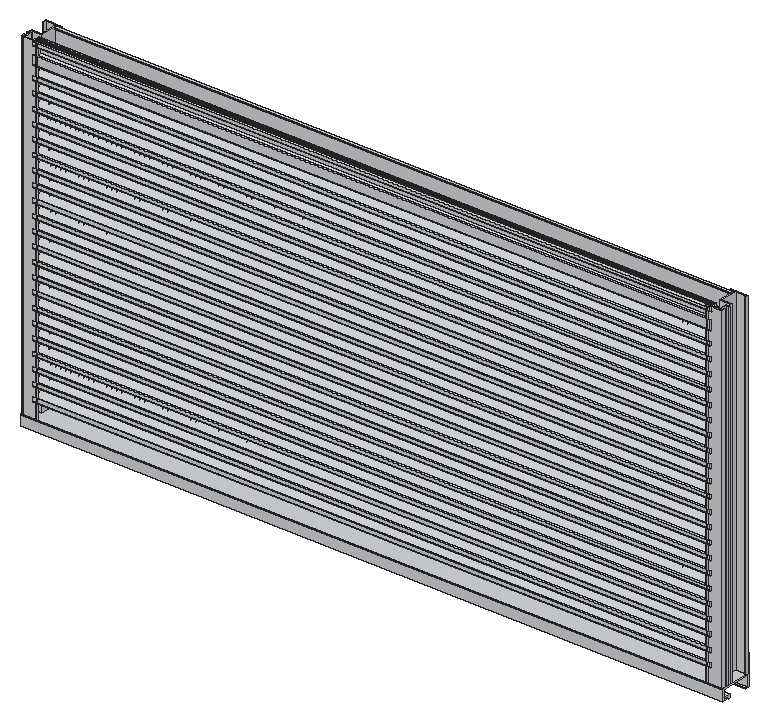
Revit family "XSD-55", category Mechanical Equipment, Revit 2015
Parameters
  head width = BW  # 3' - 10 5/16"
  blade spacing = 0' - 0 15/16"
  URL = "https://unitedenertech.com/catalog/pdf/A_16b%20XSD-55.pdf"
  Type Comments = "Max. Single Section Size is (120\"w  x  84\"h) or (84\"w  x  120\"h)"
  Number of Blades [instance] = rounddown((Exact Height - 0' 2 1/2") / blade spacing)  # 22
  Model = "XSD-55"
  Manufacturer = "United Enertech Corporation"
  Exact Width = 4' - 0"
  Exact Height = 2' - 0"
  Description = "High Performance 2\" Fixed Louver"
  Depth = 0' - 2.2029"
  Blade Spacing = 0' - 1.47"
  BW = Exact Width - 0' 1 11/16"  # 3' - 10 5/16"
Reference planes (in)
  plane 1 "Center (Front/Back)": y = 0
  plane 2: z = 0
  plane 3 "Center (Left/Right)": x = 0
  plane 4: x = -24
  plane 5: x = 24
  plane 6: z = 24
  plane 7: x = -23.166
  plane 8: x = 23.166
  plane 9: z = 0.834
  plane 10: y = 2.2029
  plane 11: z = 22.35221
  plane 12: z = 21.41471
  plane 13: z = 20.47721
Forms (in)
  Extrusion 1, solid
    sketch origin (34.20382, -6.2655, 0) x (1, 0, 0) y (0, 1, 0)
      loop
        line (-58.20382, 8.22147) -> (-58.14382, 8.22147) -> (-58.14382, 8.34947) -> (-57.42982, 8.34947) -> (-57.42982, 7.14747) -> (-58.14382, 7.14747) -> (-58.14382, 6.86747) -> (-58.18882, 6.86747) -> (-58.18882, 6.80747) -> (-58.14382, 6.80747) -> (-58.14382, 6.74547) -> (-58.08382, 6.74547) -> (-58.08382, 6.80747) -> (-57.99582, 6.80747) -> (-57.99582, 6.36747) -> (-58.08382, 6.36747) -> (-58.08382, 6.52647) -> (-58.14382, 6.52647) -> (-58.14382, 6.30747) -> (-57.13871, 6.30747) -> (-57.13871, 6.2655) -> (-57.07882, 6.2655) -> (-57.07882, 6.36747) -> (-57.36982, 6.36747) -> (-57.36982, 6.49547) -> (-57.42982, 6.49547) -> (-57.42982, 6.36747) -> (-57.93582, 6.36747) -> (-57.93582, 6.86747) -> (-58.08382, 6.86747) -> (-58.08382, 7.08747) -> (-57.36982, 7.08747) -> (-57.36982, 8.34947) -> (-57.07882, 8.34947) -> (-57.07882, 8.40947) -> (-58.20382, 8.40947) -> (-58.20382, 8.22147)
    from 0.834 to 24
  Extrusion 2, solid
    sketch origin (-34.20382, -6.2655, 0) x (-1, 0, 0) y (0, -1, 0)
      loop
        line (-58.20382, -8.22147) -> (-58.20382, -8.40947) -> (-57.07882, -8.40947) -> (-57.07882, -8.34947) -> (-57.36982, -8.34947) -> (-57.36982, -7.08747) -> (-58.08382, -7.08747) -> (-58.08382, -6.86747) -> (-57.93582, -6.86747) -> (-57.93582, -6.36747) -> (-57.42982, -6.36747) -> (-57.42982, -6.49547) -> (-57.36982, -6.49547) -> (-57.36982, -6.36747) -> (-57.07882, -6.36747) -> (-57.07882, -6.2655) -> (-57.13871, -6.2655) -> (-57.13871, -6.30747) -> (-58.14382, -6.30747) -> (-58.14382, -6.52647) -> (-58.08382, -6.52647) -> (-58.08382, -6.36747) -> (-57.99582, -6.36747) -> (-57.99582, -6.80747) -> (-58.08382, -6.80747) -> (-58.08382, -6.74547) -> (-58.14382, -6.74547) -> (-58.14382, -6.80747) -> (-58.18882, -6.80747) -> (-58.18882, -6.86747) -> (-58.14382, -6.86747) -> (-58.14382, -7.14747) -> (-57.42982, -7.14747) -> (-57.42982, -8.34947) -> (-58.14382, -8.34947) -> (-58.14382, -8.22147) -> (-58.20382, -8.22147)
    from 0.834 to 24
  Extrusion 3, solid
    sketch origin (-58.57781, 52.92926, -9.8407) x (0, 1, 0) y (0, 0, 1)
      loop
        line (-52.38831, 9.8597) -> (-52.32831, 9.8597) -> (-52.32831, 10.1277) -> (-52.82831, 10.1277) -> (-52.82831, 10.6147) -> (-50.78637, 10.6147) -> (-50.78637, 9.9007) -> (-50.91437, 9.9007) -> (-50.91437, 9.8407) -> (-50.72637, 9.8407) -> (-50.72637, 11.9587) -> (-50.78637, 11.9587) -> (-50.78637, 10.6747) -> (-52.92926, 10.6747) -> (-52.92926, 10.6147) -> (-52.88831, 10.6147) -> (-52.88831, 9.9197) -> (-52.66931, 9.9197) -> (-52.66931, 9.9797) -> (-52.82831, 9.9797) -> (-52.82831, 10.0677) -> (-52.38831, 10.0677) -> (-52.38831, 9.9797) -> (-52.45031, 9.9797) -> (-52.45031, 9.9197) -> (-52.38831, 9.9197) -> (-52.38831, 9.8597)
    from 34.57781 to 82.57781
Dimensions and locks (in)
  equal spacing: plane 5, plane 3 "Center (Left/Right)", plane 4
  "Exact Width": plane 5 to plane 4
  "Exact Height": plane 6 to level
  locked: plane 4 to plane 7 at 0.834
  locked: plane 8 to plane 5 at 0.834
  locked: plane 9 to level at 0.834
  "Depth": plane 1 "Center (Front/Back)" to plane 10
  locked: plane 11 to plane 6 at 1.64779
  locked: plane 12 to plane 11 at 0.9375
  equal spacing: group 1, group 2, group 3, group 4, group 5, group 6, group 7, group 8, group 9, group 10, group 11, group 12, group 13, group 14, group 15, group 16, group 17, group 18, group 19, group 20, group 21, group 22  (x2)
  equal spacing: group 22, group 21, group 20, group 19, group 18, group 17, group 16, group 15, group 14, group 13, group 12, group 11, group 10, group 9, group 8, group 7, group 6, group 5, group 4, group 3, group 2, group 1
  "blade spacing": plane 12 to plane 13
  aligned and locked: level to plane 2
  aligned and locked: plane 4 to Extrusion 1
  aligned and locked: plane 5 to Extrusion 2
  aligned and locked: level to Extrusion 3
  aligned and locked: plane 5 to Extrusion 3
  aligned and locked: Extrusion 3 to plane 4
  aligned and locked: Extrusion 2 to plane 9
  aligned and locked: Extrusion 1 to plane 9
  aligned and locked: plane 6 to Extrusion 2
  aligned and locked: plane 6 to Extrusion 1
  aligned and locked: plane 6 to nested 1
  aligned and locked: plane 3 "Center (Left/Right)" to nested 2
  aligned and locked: plane 1 "Center (Front/Back)" to nested 2
  aligned and locked: plane 12 to nested 2  (x2)
  aligned and locked: nested 3 to plane 13
Automatic sketch dimensions
  Extrusion 1 sketch curve to plane 4 = 0' - 0"
  plane 1 "Center (Front/Back)" to Extrusion 1 sketch curve = 0' - 0"
  plane 4 to Extrusion 1 sketch curve = 0' - 0.015"
  plane 4 to Extrusion 1 sketch curve = 0' - 0.06"  (x4)
  Extrusion 1 sketch curve to Extrusion 1 sketch curve = 0' - 0.06"  (x9)
  Extrusion 1 sketch curve to Extrusion 1 sketch curve = 0' - 0"  (x4)
  Extrusion 1 sketch curve to Extrusion 1 sketch curve = 0' - 0.088"
  Extrusion 1 sketch curve to Extrusion 1 sketch curve = 0' - 0.506"  (x2)
  Extrusion 1 sketch curve to plane 1 "Center (Front/Back)" = 0' - 0.22997"
  Extrusion 1 sketch curve to plane 1 "Center (Front/Back)" = 0' - 0.04197"
  Extrusion 1 sketch curve to Extrusion 1 sketch curve = 0' - 0.23111"
  Extrusion 1 sketch curve to Extrusion 1 sketch curve = 0' - 0.291"
  Extrusion 1 sketch curve to Extrusion 1 sketch curve = 0' - 0.05989"
  Extrusion 1 sketch curve to plane 1 "Center (Front/Back)" = 0' - 0.10197"
  Extrusion 1 sketch curve to Extrusion 1 sketch curve = 0' - 0.159"
  Extrusion 1 sketch curve to Extrusion 1 sketch curve = 0' - 0.219"
  Extrusion 1 sketch curve to Extrusion 1 sketch curve = 0' - 0.062"  (x2)
  Extrusion 1 sketch curve to Extrusion 1 sketch curve = 0' - 0.22"
  Extrusion 1 sketch curve to Extrusion 1 sketch curve = 0' - 1.074"
  Extrusion 1 sketch curve to Extrusion 1 sketch curve = 0' - 0.128"
  Extrusion 2 sketch curve to plane 5 = 0' - 0"
  plane 1 "Center (Front/Back)" to Extrusion 2 sketch curve = 0' - 0"
  plane 5 to Extrusion 2 sketch curve = 0' - 0.015"
  plane 5 to Extrusion 2 sketch curve = 0' - 0.06"  (x4)
  Extrusion 2 sketch curve to Extrusion 2 sketch curve = 0' - 0.06"  (x9)
  Extrusion 2 sketch curve to Extrusion 2 sketch curve = 0' - 0"  (x4)
  Extrusion 2 sketch curve to Extrusion 2 sketch curve = 0' - 0.088"
  Extrusion 2 sketch curve to Extrusion 2 sketch curve = 0' - 0.506"  (x2)
  plane 1 "Center (Front/Back)" to Extrusion 2 sketch curve = 0' - 0.22997"
  plane 1 "Center (Front/Back)" to Extrusion 2 sketch curve = 0' - 0.04197"
  Extrusion 2 sketch curve to Extrusion 2 sketch curve = 0' - 0.23111"
  Extrusion 2 sketch curve to Extrusion 2 sketch curve = 0' - 0.291"
  Extrusion 2 sketch curve to Extrusion 2 sketch curve = 0' - 0.05989"
  plane 1 "Center (Front/Back)" to Extrusion 2 sketch curve = 0' - 0.10197"
  Extrusion 2 sketch curve to Extrusion 2 sketch curve = 0' - 0.159"
  Extrusion 2 sketch curve to Extrusion 2 sketch curve = 0' - 0.219"
  Extrusion 2 sketch curve to Extrusion 2 sketch curve = 0' - 0.062"  (x2)
  Extrusion 2 sketch curve to Extrusion 2 sketch curve = 0' - 0.22"
  Extrusion 2 sketch curve to Extrusion 2 sketch curve = 0' - 1.074"
  Extrusion 2 sketch curve to Extrusion 2 sketch curve = 0' - 0.128"
  Extrusion 3 sketch curve to plane 1 "Center (Front/Back)" = 0' - 0"
  Extrusion 3 sketch curve to Extrusion 3 sketch curve = 0' - 0.04096"
  Extrusion 3 sketch curve to Extrusion 3 sketch curve = 0' - 0.06"  (x9)
  Extrusion 3 sketch curve to Extrusion 3 sketch curve = 0' - 0"  (x4)
  Extrusion 3 sketch curve to Extrusion 3 sketch curve = 0' - 0.159"
  Extrusion 3 sketch curve to Extrusion 3 sketch curve = 0' - 0.219"
  Extrusion 3 sketch curve to Extrusion 3 sketch curve = 0' - 0.062"  (x2)
  Extrusion 3 sketch curve to Extrusion 3 sketch curve = 0' - 1.41394"
  Extrusion 3 sketch curve to Extrusion 3 sketch curve = 0' - 0.128"
  level to Extrusion 3 sketch curve = 0' - 0"
  Extrusion 3 sketch curve to Extrusion 3 sketch curve = 0' - 0.019"
  Extrusion 3 sketch curve to Extrusion 3 sketch curve = 0' - 0.088"
  Extrusion 3 sketch curve to Extrusion 3 sketch curve = 0' - 0.714"
  Extrusion 3 sketch curve to Extrusion 3 sketch curve = 0' - 1.284"
Nested families (in)
  nested 1: "XSD-55 HEAD REVIT FAMILY" at (0, 3.92531, 22.35221), type "XSD-55 HEAD REVIT FAMILY"
    with head width 3' - 10 5/16"
  nested 2: "Family3" at (0, 1.982, 21.41471), type "Family3"
    with blade width 3' - 10 5/16"
  nested 3: "Family3" at (0, 1.982, 20.47721), type "Family3"
    with blade width 3' - 10 5/16"
  nested 4: "Family3" at (0, 1.982, 19.53971), type "Family3"
    with blade width 3' - 10 5/16"
  nested 5: "Family3" at (0, 1.982, 18.60221), type "Family3"
    with blade width 3' - 10 5/16"
  nested 6: "Family3" at (0, 1.982, 17.66471), type "Family3"
    with blade width 3' - 10 5/16"
  nested 7: "Family3" at (0, 1.982, 16.72721), type "Family3"
    with blade width 3' - 10 5/16"
  nested 8: "Family3" at (0, 1.982, 15.78971), type "Family3"
    with blade width 3' - 10 5/16"
  nested 9: "Family3" at (0, 1.982, 14.85221), type "Family3"
    with blade width 3' - 10 5/16"
  nested 10: "Family3" at (0, 1.982, 13.91471), type "Family3"
    with blade width 3' - 10 5/16"
  nested 11: "Family3" at (0, 1.982, 12.97721), type "Family3"
    with blade width 3' - 10 5/16"
  nested 12: "Family3" at (0, 1.982, 12.03971), type "Family3"
    with blade width 3' - 10 5/16"
  nested 13: "Family3" at (0, 1.982, 11.10221), type "Family3"
    with blade width 3' - 10 5/16"
  nested 14: "Family3" at (0, 1.982, 10.16471), type "Family3"
    with blade width 3' - 10 5/16"
  nested 15: "Family3" at (0, 1.982, 9.22721), type "Family3"
    with blade width 3' - 10 5/16"
  nested 16: "Family3" at (0, 1.982, 8.28971), type "Family3"
    with blade width 3' - 10 5/16"
  nested 17: "Family3" at (0, 1.982, 7.35221), type "Family3"
    with blade width 3' - 10 5/16"
  nested 18: "Family3" at (0, 1.982, 6.41471), type "Family3"
    with blade width 3' - 10 5/16"
  nested 19: "Family3" at (0, 1.982, 5.47721), type "Family3"
    with blade width 3' - 10 5/16"
  nested 20: "Family3" at (0, 1.982, 4.53971), type "Family3"
    with blade width 3' - 10 5/16"
  nested 21: "Family3" at (0, 1.982, 3.60221), type "Family3"
    with blade width 3' - 10 5/16"
  nested 22: "Family3" at (0, 1.982, 2.66471), type "Family3"
    with blade width 3' - 10 5/16"
  nested 23: "Family3" at (0, 1.982, 1.72721), type "Family3"
    with blade width 3' - 10 5/16"
Definition of nested family "XSD-55 HEAD REVIT FAMILY"
  Parameters (values of type "XSD-55 HEAD REVIT FAMILY")
    head width = 2' - 0"
  Reference planes (in)
    plane 1 "Center (Front/Back)": y = 0
    plane 2: z = 0
    plane 3 "Center (Left/Right)": x = 0
    plane 4: z = 1.64779
    plane 5: x = -12
    plane 6: x = 12
  Forms (in)
    Extrusion 1, solid
      sketch origin (0, -1.94331, 0) x (0, 1, 0) y (0, 0, 1)
        loop
          line (-0.05669, 0) -> (-0.05669, 0.08095) -> (0, 0.08095) -> (0, 1.64779) -> (-0.188, 1.64779) -> (-0.188, 1.58779) -> (-0.06, 1.58779) -> (-0.06, 0.48321) -> (-0.34152, 0.48321) -> (-0.7181, 0.78603) -> (-0.76008, 0.74317)
          arc (-0.76008, 0.74317) -> (-0.82345, 0.58793) -> (-0.88682, 0.74317) r 0.09056
          line (-0.88682, 0.74317) -> (-0.92881, 0.78603)
          arc (-0.92881, 0.78603) -> (-0.95113, 0.75827) -> (-0.9663, 0.72604) r 0.15056
          line (-0.9663, 0.72604) -> (-1.202, 0.72604) -> (-1.202, 0.84719) -> (-1.90566, 1.36079) -> (-1.47394, 1.36079) -> (-1.47394, 1.62879) -> (-1.53394, 1.62879) -> (-1.53394, 1.56879) -> (-1.59594, 1.56879) -> (-1.59594, 1.50879) -> (-1.53394, 1.50879) -> (-1.53394, 1.42079) -> (-1.922, 1.42079) -> (-1.922, 1.50879) -> (-1.81494, 1.50879) -> (-1.81494, 1.56879) -> (-1.982, 1.56879) -> (-1.982, 1.34184) -> (-1.262, 0.81873) -> (-1.262, 0.56556) -> (-1.68202, 0.1549)
          arc (-1.68202, 0.1549) -> (-1.7766, 0.11222) -> (-1.87447, 0.14668) r 0.13946
          line (-1.87447, 0.14668) -> (-1.922, 0.1982) -> (-1.922, 0.74206) -> (-1.87266, 0.74206) -> (-1.87266, 0.80206) -> (-1.982, 0.80206) -> (-1.982, 0.17476) -> (-1.91661, 0.10387)
          arc (-1.91661, 0.10387) -> (-1.77426, 0.05227) -> (-1.63668, 0.11551) r 0.19946
          line (-1.63668, 0.11551) -> (-1.202, 0.54082) -> (-1.202, 0.66604) -> (-1.05184, 0.66604) -> (-0.94299, 0.58696)
          arc (-0.94299, 0.58696) -> (-0.77427, 0.53619) -> (-0.67291, 0.6803) r 0.15056
          line (-0.67291, 0.6803) -> (-0.36347, 0.42321) -> (-0.05, 0.42321) -> (-0.05, 0.13095) -> (-0.09941, 0.13095) -> (-0.14086, 0.05917) -> (-0.10669, 0) -> (-0.05669, 0)
      from -12 to 12
  Dimensions and locks (in)
    locked: plane 4 to level at 1.64779
    equal spacing: plane 5, plane 3 "Center (Left/Right)", plane 6
    "head width": plane 5 to plane 6
    aligned and locked: level to plane 2
    aligned and locked: plane 5 to Extrusion 1
    aligned and locked: plane 6 to Extrusion 1
  Automatic sketch dimensions
    Extrusion 1 sketch curve to Extrusion 1 sketch curve = 0' - 0"  (x9)
    Extrusion 1 sketch curve to plane 4 = 0' - 0"
    Extrusion 1 sketch curve to level = 0' - 0"
    plane 1 "Center (Front/Back)" to Extrusion 1 sketch curve = 0' - 1.94331"
    plane 1 "Center (Front/Back)" to Extrusion 1 sketch curve = 0' - 1.99331"
    Extrusion 1 sketch curve to Extrusion 1 sketch curve = 0' - 0.00669"
    plane 1 "Center (Front/Back)" to Extrusion 1 sketch curve = 0' - 2.00331"
    Extrusion 1 sketch curve to Extrusion 1 sketch curve = 0' - 0.04941"
    Extrusion 1 sketch curve to Extrusion 1 sketch curve = 0' - 0.05"  (x2)
    level to Extrusion 1 sketch curve = 0' - 0.05917"
    Extrusion 1 sketch curve to Extrusion 1 sketch curve = 0' - 0.03416"
    Extrusion 1 sketch curve to Extrusion 1 sketch curve = 0' - 0.128"
    Extrusion 1 sketch curve to Extrusion 1 sketch curve = 0' - 0.28152"
    Extrusion 1 sketch curve to Extrusion 1 sketch curve = 0' - 0.02195"
    Extrusion 1 sketch curve to Extrusion 1 sketch curve = 0' - 0.33139"
    Extrusion 1 sketch curve to Extrusion 1 sketch curve = 0' - 0.04519"
    Extrusion 1 sketch curve to Extrusion 1 sketch curve = 0' - 0.04199"  (x2)
    Extrusion 1 sketch curve to Extrusion 1 sketch curve = 0' - 0.06337"  (x2)
    level to Extrusion 1 sketch curve = 0' - 0.58696"
    Extrusion 1 sketch curve to Extrusion 1 sketch curve = 0' - 0.11954"
    Extrusion 1 sketch curve to Extrusion 1 sketch curve = 0' - 0.03749"
    Extrusion 1 sketch curve to Extrusion 1 sketch curve = 0' - 0.08554"
    Extrusion 1 sketch curve to Extrusion 1 sketch curve = 0' - 0.15016"
    Extrusion 1 sketch curve to Extrusion 1 sketch curve = 0' - 0.06"  (x11)
    Extrusion 1 sketch curve to plane 4 = 0' - 0.287"
    Extrusion 1 sketch curve to Extrusion 1 sketch curve = 0' - 0.27194"
    Extrusion 1 sketch curve to plane 4 = 0' - 0.019"
    Extrusion 1 sketch curve to Extrusion 1 sketch curve = 0' - 0.062"
    level to Extrusion 1 sketch curve = 0' - 0.11551"
    Extrusion 1 sketch curve to Extrusion 1 sketch curve = 0' - 0.37468"
    level to Extrusion 1 sketch curve = 0' - 0.1549"
    Extrusion 1 sketch curve to Extrusion 1 sketch curve = 0' - 0.04533"
    Extrusion 1 sketch curve to Extrusion 1 sketch curve = 0' - 0.10053"
    Extrusion 1 sketch curve to plane 4 = 0' - 0.079"
    Extrusion 1 sketch curve to Extrusion 1 sketch curve = 0' - 0.219"
    Extrusion 1 sketch curve to Extrusion 1 sketch curve = 0' - 0.09011"
    level to Extrusion 1 sketch curve = 0' - 0.14668"
    Extrusion 1 sketch curve to Extrusion 1 sketch curve = 0' - 0.09193"
    Extrusion 1 sketch curve to Extrusion 1 sketch curve = 0' - 0.09072"
    level to Extrusion 1 sketch curve = 0' - 0.10387"
    Extrusion 1 sketch curve to Extrusion 1 sketch curve = 0' - 0.04934"
    Extrusion 1 sketch curve to Extrusion 1 sketch curve = 0' - 0.10706"
    level to Extrusion 1 sketch curve = 0' - 0.08095"
    Extrusion 1 sketch curve to Extrusion 1 sketch curve = 0' - 0.07089"
    Extrusion 1 sketch curve to Extrusion 1 sketch curve = 0' - 0 3/128"
    Extrusion 1 sketch curve to Extrusion 1 sketch curve = 0' - 0.29226"
    Extrusion 1 sketch curve to Extrusion 1 sketch curve = 0' - 0.04614"
    Extrusion 1 sketch curve to Extrusion 1 sketch curve = 0' - 0.02474"
    Extrusion 1 sketch curve to Extrusion 1 sketch curve = 0' - 0.07908"
    Extrusion 1 sketch curve to Extrusion 1 sketch curve = 0' - 0.09153"
    Extrusion 1 sketch curve to Extrusion 1 sketch curve = 0' - 0.49051"
    Extrusion 1 sketch curve to Extrusion 1 sketch curve = 0' - 0.06469"
    Extrusion 1 sketch curve to Extrusion 1 sketch curve = 0' - 0.04286"
    Extrusion 1 sketch curve to Extrusion 1 sketch curve = 0' - 0.09269"
    Extrusion 1 sketch curve to Extrusion 1 sketch curve = 0' - 0.02845"
    Extrusion 1 sketch curve to Extrusion 1 sketch curve = 0' - 0.01895"
    Extrusion 1 sketch curve to Extrusion 1 sketch curve = 0' - 0.088"
    Extrusion 1 sketch curve to plane 4 = 0' - 0.06"
Definition of nested family "Family3"
  Parameters (values of type "Family3")
    blade width = 2' - 5.25243"
  Reference planes (in)
    plane 1 "Center (Front/Back)": y = 0
    plane 2: z = 0
    plane 3 "Center (Left/Right)": x = 0
    plane 4: x = -14.62621
    plane 5: x = 14.62621
  Forms (in)
    Extrusion 1, solid
      sketch origin (0, 0, 0) x (0, 1, 0) y (0, 0, 1)
        loop
          line (-0.14086, 0.05917) -> (-0.10669, 0) -> (-0.05669, 0) -> (-0.05669, 0.08095) -> (0, 0.08095) -> (0, 0.47222) -> (-0.34224, 0.48359) -> (-0.5284, 0.63825)
          arc (-0.5284, 0.63825) -> (-0.68331, 0.97831) -> (-1.05494, 1.01737) r 0.37647
          line (-1.05494, 1.01737) -> (-1.04152, 0.98461)
          arc (-1.04152, 0.98461) -> (-0.72325, 0.95827) -> (-0.57385, 0.67601) r 0.33264
          line (-0.57385, 0.67601) -> (-0.70483, 0.78483)
          arc (-0.70483, 0.78483) -> (-0.91585, 0.82967) -> (-1.10251, 0.7215) r 0.30038
          line (-1.10251, 0.7215) -> (-1.68202, 0.1549)
          arc (-1.68202, 0.1549) -> (-1.7766, 0.11222) -> (-1.87447, 0.14668) r 0.13946
          line (-1.87447, 0.14668) -> (-1.922, 0.1982) -> (-1.922, 0.36506) -> (-1.87266, 0.36506) -> (-1.87266, 0.42506) -> (-1.982, 0.42506) -> (-1.982, 0.17476) -> (-1.91661, 0.10387)
          arc (-1.91661, 0.10387) -> (-1.77426, 0.05227) -> (-1.63668, 0.11551) r 0.19946
          line (-1.63668, 0.11551) -> (-0.96687, 0.7638)
          arc (-0.96687, 0.7638) -> (-0.97639, 0.66173) -> (-0.92881, 0.57093) r 0.18054
          line (-0.92881, 0.57093) -> (-0.88682, 0.6138)
          arc (-0.88682, 0.6138) -> (-0.82345, 0.76904) -> (-0.76008, 0.6138) r 0.09056
          line (-0.76008, 0.6138) -> (-0.7181, 0.57093)
          arc (-0.7181, 0.57093) -> (-0.68431, 0.62099) -> (-0.67291, 0.6803) r 0.15056
          line (-0.67291, 0.6803) -> (-0.36347, 0.42321) -> (-0.05, 0.42321) -> (-0.05, 0.13095) -> (-0.09941, 0.13095) -> (-0.14086, 0.05917)
      from -14.62621 to 14.62621
  Dimensions and locks (in)
    equal spacing: plane 4, plane 3 "Center (Left/Right)", plane 5
    "blade width": plane 4 to plane 5
    aligned and locked: level to plane 2
    aligned and locked: plane 4 to Extrusion 1
    aligned and locked: Extrusion 1 to plane 5
  Automatic sketch dimensions
    Extrusion 1 sketch curve to Extrusion 1 sketch curve = 0' - 0"  (x4)
    Extrusion 1 sketch curve to level = 0' - 0"
    Extrusion 1 sketch curve to plane 1 "Center (Front/Back)" = 0' - 0"
    plane 1 "Center (Front/Back)" to Extrusion 1 sketch curve = 0' - 0.05"
    Extrusion 1 sketch curve to Extrusion 1 sketch curve = 0' - 0.00669"
    Extrusion 1 sketch curve to Extrusion 1 sketch curve = 0' - 0.04941"
    Extrusion 1 sketch curve to Extrusion 1 sketch curve = 0' - 0.05"  (x2)
    level to Extrusion 1 sketch curve = 0' - 0.05917"
    Extrusion 1 sketch curve to Extrusion 1 sketch curve = 0' - 0.03416"
    Extrusion 1 sketch curve to Extrusion 1 sketch curve = 0' - 0.29224"
    Extrusion 1 sketch curve to Extrusion 1 sketch curve = 0' - 0.02122"
    Extrusion 1 sketch curve to Extrusion 1 sketch curve = 0' - 0.18616"
    Extrusion 1 sketch curve to Extrusion 1 sketch curve = 0' - 0.04545"
    Extrusion 1 sketch curve to Extrusion 1 sketch curve = 0' - 0.09906"
    Extrusion 1 sketch curve to Extrusion 1 sketch curve = 0' - 0.03192"
    Extrusion 1 sketch curve to Extrusion 1 sketch curve = 0' - 0.04519"
    Extrusion 1 sketch curve to Extrusion 1 sketch curve = 0' - 0.04199"  (x2)
    Extrusion 1 sketch curve to Extrusion 1 sketch curve = 0' - 0.03919"
    Extrusion 1 sketch curve to Extrusion 1 sketch curve = 0' - 0.02418"
    Extrusion 1 sketch curve to Extrusion 1 sketch curve = 0' - 0.10853"
    Extrusion 1 sketch curve to Extrusion 1 sketch curve = 0' - 0.01821"  (x2)
    Extrusion 1 sketch curve to Extrusion 1 sketch curve = 0' - 0.01647"
    Extrusion 1 sketch curve to Extrusion 1 sketch curve = 0' - 0.00317"
    level to Extrusion 1 sketch curve = 0' - 0.57093"
    Extrusion 1 sketch curve to Extrusion 1 sketch curve = 0' - 0.06042"
    Extrusion 1 sketch curve to Extrusion 1 sketch curve = 0' - 0.07464"
    Extrusion 1 sketch curve to Extrusion 1 sketch curve = 0' - 0.01342"
    level to Extrusion 1 sketch curve = 0' - 0.7215"
    Extrusion 1 sketch curve to Extrusion 1 sketch curve = 0' - 0.13563"
    level to Extrusion 1 sketch curve = 0' - 0.11551"
    Extrusion 1 sketch curve to Extrusion 1 sketch curve = 0' - 0.53418"
    level to Extrusion 1 sketch curve = 0' - 0.1549"
    Extrusion 1 sketch curve to Extrusion 1 sketch curve = 0' - 0.04533"
    Extrusion 1 sketch curve to Extrusion 1 sketch curve = 0' - 0.10053"
    Extrusion 1 sketch curve to Extrusion 1 sketch curve = 0' - 0.09011"
    level to Extrusion 1 sketch curve = 0' - 0.14668"
    Extrusion 1 sketch curve to Extrusion 1 sketch curve = 0' - 0.09193"
    level to Extrusion 1 sketch curve = 0' - 0.10387"
    level to Extrusion 1 sketch curve = 0' - 0.1982"
    Extrusion 1 sketch curve to Extrusion 1 sketch curve = 0' - 0.04753"
    Extrusion 1 sketch curve to Extrusion 1 sketch curve = 0' - 0.06"  (x2)
    level to Extrusion 1 sketch curve = 0' - 0.08095"
    Extrusion 1 sketch curve to Extrusion 1 sketch curve = 0' - 0 3/128"
    Extrusion 1 sketch curve to Extrusion 1 sketch curve = 0' - 0.16686"
    Extrusion 1 sketch curve to Extrusion 1 sketch curve = 0' - 0.29226"
    Extrusion 1 sketch curve to Extrusion 1 sketch curve = 0' - 0.049"
    Extrusion 1 sketch curve to Extrusion 1 sketch curve = 0' - 0.06038"
    Extrusion 1 sketch curve to Extrusion 1 sketch curve = 0' - 0.0379"  (x2)
    Extrusion 1 sketch curve to Extrusion 1 sketch curve = 0' - 0.04286"
    Extrusion 1 sketch curve to Extrusion 1 sketch curve = 0' - 0.06732"
    Extrusion 1 sketch curve to Extrusion 1 sketch curve = 0' - 0.059"
    Extrusion 1 sketch curve to Extrusion 1 sketch curve = 0' - 0.03776"
    Extrusion 1 sketch curve to Extrusion 1 sketch curve = 0' - 0.00569"
    Extrusion 1 sketch curve to Extrusion 1 sketch curve = 0' - 0.00784"
